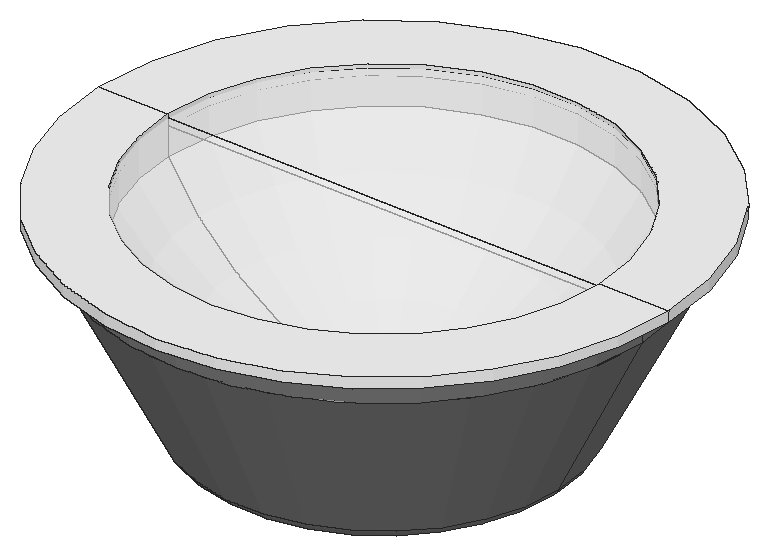
Revit family "30509", category Lighting Fixtures, host Face, Revit 2018
Family settings
  Host = Face
  Round Connector Dimension = Use Diameter
  Part Type = Normal
  OmniClass Number = 23.80.70.00
  OmniClass Title = Lighting
  Cut with Voids When Loaded = No
  Light Source = Yes
  Shared = No
  Room Calculation Point = No
Parameters (values of type "0030509 INSAVER SL IP44 225 MULTI4150- 4950 840")
  WidthBezel_SYL = if(Size1_SYL, 20 mm, if(Size2_SYL, 20 mm, if(Size3PIR_SYL, 30 mm, if(Size4_SYL, 20 mm, 20 mm))))  # 20 mm
  Weight = "n/a"
  Wattage Comments = ""
  Wattage = 12 W
  WarrantyStartDate [instance] = "n/a"
  WarrantyGuarantorParts = "n/a"
  WarrantyDurationUnit = "n/a"
  WarrantyDurationParts = ""
  WarrantyDescription = "http://www.sylvania-lighting.com"
  built-in parameter 1150110 = 1 (stored number, unit not read)
  Voltage = 230 V
  VisibilityPIR_SYL = Size3PIR_SYL  # no
  URL = "0.9"
  TypeName = "Insaver Slim IP44 225 Multi4150- 4950lm 840"
  Type Image = <None>
  Type Comments = "n/a"
  built-in parameter 1114217 = 1 (stored number, unit not read)
  Tilt Angle = -90.00°
  built-in parameter 1150109 = 1 (stored number, unit not read)
  built-in parameter 1150134 = (empty or 0)
  built-in parameter 1150113 = 1 (stored number, unit not read)
  Size4_SYL = no
  Size3PIR_SYL = no
  Size2_SYL = no
  Size1_SYL = yes
  SerialNumber [instance] = "n/a"
  RadiusTop_SYL = 6 mm
  RadiusReflector_SYL = if(Size1_SYL, 85 mm, if(Size2_SYL, 85 mm, if(Size3PIR_SYL, 85 mm, if(Size4_SYL, 100 mm, 120 mm))))  # 85 mm
  Photometric Web File = "0030509.IES"
  Material_3_FEILO = Top-Sylvania-STARTDownlight
  PowerFactor = 0.9
  PowerConsumption = "Lighting"
  NominalLength = 165 mm
  NominalHeight = 50 mm
  NominalDepth = 165 mm
  Name = "Insaver Slim IP44 225 Multi4150- 4950lm 840"
  ModelReference = Name  # "Insaver Slim IP44 225 Multi4150- 4950lm 840"
  ModelNumber = "0030509"
  Model = Name  # "Insaver Slim IP44 225 Multi4150- 4950lm 840"
  Material = "Feilo Sylvania"
  ManufacturerName = "121 lm/W"
  Manufacturer = ""
  LuminousEfficacy = ""
  built-in parameter 1150105 = 31.446 (stored number, unit not read)
  Lumens = 395.16 lm
  LuminaireType = "0"
  built-in parameter 1150115 = 1 (stored number, unit not read)
  LightOutputRatio = "LED"
  built-in parameter 1150137 = (empty or 0)
  built-in parameter 1150139 = (empty or 0)
  LampsType = Lamp  # "n/a"
  LampNominalLuminous = "4000 K"
  LampMacAdamStep = "80"
  LampColourTemperature = "LED"
  LampColourRenderingIndex = "16500"
  built-in parameter 1150112 = 1 (stored number, unit not read)
  built-in parameter 1150114 = 1 (stored number, unit not read)
  Lamp = "n/a"
  Keynote = "n/a"
  InstallationDate [instance] = "n/a"
  InputVoltage = "0"
  InputNominalFrequency = "4000"
  built-in parameter 1150132 = (empty or 0)
  built-in parameter 1150102 = (empty or 0)
  built-in parameter 1150107 = 3000 (stored number, unit not read)
  built-in parameter 1150138 = (empty or 0)
  IngressProtection = "IfcLightFixtureType"
  ImpactProtectionIndex = "IfcLightFixtureType"
  built-in parameter 1150106 = 0.31446 (stored number, unit not read)
  IfcExportType = "IfcLightFixtureType"
  IfcExportAs = "Class II"
  Height_SYL = if(Size1_SYL, 61 mm, if(Size2_SYL, 61 mm, if(Size3PIR_SYL, 61 mm, if(Size4_SYL, 61 mm, 60 mm))))  # 61 mm
  HeightBezel_SYL = if(Size1_SYL, 3 mm, if(Size2_SYL, 3 mm, if(Size3PIR_SYL, 3 mm, if(Size4_SYL, 3.2 mm, 3 mm))))  # 3 mm
  ExpectedLife = 50000
  Emit from Circle Diameter = Diameter_SYL - 40 mm  # 125 mm
  Emit Shape Visible in Rendering = no
  ElectricShockClassification = "121"
  built-in parameter 1150104 = 3.0593 (stored number, unit not read)
  DurationUnit = "hours"
  DocumentationLiterature = "http://www.sylvania-lighting.com/product/en-int/products/0030509"
  DimmingControlOptions = "n/a"
  Material_2_FEILO = Diffuser-Sylvania-STARTDownlight
  Dimming Lamp Color Temperature Shift = <None>
  Diameter_SYL = if(Size1_SYL, 165 mm, if(Size2_SYL, 190 mm, if(Size3PIR_SYL, 211 mm, if(Size4_SYL, 220 mm, 240 mm))))  # 165 mm
  DiameterTop_SYL = if(Size1_SYL, 98 mm, if(Size2_SYL, 122 mm, if(Size3PIR_SYL, 120 mm, if(Size4_SYL, 135 mm, 158 mm))))  # 98 mm
  DiameterTopBase_SYL = DiameterRecess_SYL  # 150 mm
  DiameterRecess_SYL = if(Size1_SYL, 150 mm, if(Size2_SYL, 170 mm, if(Size3PIR_SYL, 186 mm, if(Size4_SYL, 200 mm, 225 mm))))  # 150 mm
  Description = "Insaver Slim is a ceiling recessed LED downlight (IP44 from the front),Die-cast aluminium body, loop in loop out connector for quick installation, Non dimmable LED driver,  4000K; UGR <19 with shallow product depth 60mm. The range features a multipower functionality where the luminous flux of the luminaire can be tailored to local needs by only setting a quick selector switch on the driver. 8 steps available with adjustable lumen output of 4150 – 4950lm  at 4000K.  Meets TP(a) requirements."
  Default Elevation = 1219.2 mm
  CreatedOn = "05/03/2024"
  CreatedBy = "@sylvania-lighting.com"
  Cost = 0
  Color Filter = 16777215
  built-in parameter 1114216 [instance] = (empty or 0)
  ClassificationValue = "EF_70_80"
  ClassificationName = "Uniclass2015"
  Material_1_FEILO = Trim-Sylvania-STARTDownlight-White
  BarCode [instance] = "n/a"
  built-in parameter 1114218 = 1 (stored number, unit not read)
  built-in parameter 1150133 = 10 (stored number, unit not read)
  AssetType = "Fixed"
  AssetIdentifier [instance] = "n/a"
  Assembly Code = "D5020200"
  Apparent Load = 41 VA
  Material_4_FEILO = LED-Sylvania-STARTDownlight
Reference planes
  plane 1 "Center (Front/Back)": y = 0
  plane 2: z = 0
  plane 3 "Center (Left/Right)": x = 0
  plane 4: x = 82.5
  plane 5: x = -82.5
  plane 6: z = 3
  plane 7: z = -8
  plane 8: z = -58
  plane 9: x = -75
  plane 10: x = 75
  plane 11: x = -49
  plane 12: x = 49
  plane 13: z = -85
  plane 14: x = -62.5
  plane 15: z = 2
  plane 16: z = -46
  plane 17: x = -16
  plane 18: x = -67.5
  plane 19: x = -81.5
  plane 20: x = -99.5
  plane 21: x = -76.5
  plane 22: z = 5.5
  plane 23: z = 8.7
  plane 24: x = -75.5
  plane 25: z = 13.7
Forms (mm)
  Revolve 1, void
    sketch origin (0, 0, 0) x (1, 0, 0) y (0, 0, 1)
      loop
        line (0, 0) -> (-75, 0) -> (-75, -85) -> (0, -85) -> (0, 0)
      axis (0, 0) -> (0, -85)
    angle from 360 to 0
  Revolve 2, solid, material "Trim-Sylvania-STARTDownlight-White" <- "Material_1_FEILO"
    sketch origin (0, 0, 0) x (1, 0, 0) y (0, 0, 1)
      loop
        line (-62.5, 3) -> (-82.5, 3) -> (-82.5, 0) -> (-75, 0) -> (-75, -8) -> (-50.681, -54.768)
        arc (-50.681, -54.768) -> (-48.471, -57.129) -> (-45.357, -58) r 6
        line (-45.357, -58) -> (0, -58) -> (0, -46) -> (-16, -46)
        arc (-16, -46) -> (-42.718, -31.243) -> (-62.5, -8) r 85
        line (-62.5, -8) -> (-62.5, 3)
      axis (0, 3) -> (0, -58)
    angle from 360 to 0
  Revolve 3, solid, material "Diffuser-Sylvania-STARTDownlight" <- "Material_2_FEILO"
    sketch origin (0, 0, 0) x (1, 0, 0) y (0, 0, 1)
      loop
        line (-62.5, 0) -> (0, 0) -> (0, 2) -> (-62.5, 2) -> (-62.5, 0)
      axis (0, 2) -> (0, 0)
    angle from 360 to 0
  Revolve 4, solid, material "Trim-Sylvania-STARTDownlight-White" <- "Material_1_FEILO", visible <- "VisibilityPIR_SYL"
    sketch origin (0, 0, 0) x (1, 0, 0) y (0, 0, 1)
      loop
        line (-67.5, 3) -> (-67.5, 13.7)
        arc (-67.5, 13.7) -> (-72.217, 12.347) -> (-75.5, 8.7) r 8.9
        line (-75.5, 8.7) -> (-75.5, 5.5) -> (-76.5, 5.5) -> (-76.5, 3) -> (-67.5, 3)
      axis (-67.5, 13.7) -> (-67.5, 3)
    angle from 360 to 0
Dimensions and locks
  equal spacing: plane 4, plane 3 "Center (Left/Right)", plane 5
  "Diameter_SYL": plane 4 to plane 5
  equal spacing: plane 10, plane 3 "Center (Left/Right)", plane 9
  equal spacing: plane 12, plane 3 "Center (Left/Right)", plane 11
  "DiameterTop_SYL": plane 12 to plane 11
  "HeightBezel_SYL": plane 6 to plane 2
  "Height_SYL": plane 6 to plane 8
  locked: plane 2 to plane 7 at 8
  locked: plane 2 to plane 13 at 85
  "WidthBezel_SYL": plane 14 to plane 5
  locked: plane 6 to plane 15 at 1
  "DiameterRecess_SYL": plane 10 to plane 9
  locked: plane 3 "Center (Left/Right)" to plane 17 at 16
  locked: plane 16 to plane 8 at 12
  locked: plane 18 to plane 21 at 9
  locked: plane 22 to plane 6 at 2.5
  locked: plane 23 to plane 22 at 3.2
  locked: plane 18 to plane 24 at 8
  locked: plane 25 to plane 23 at 5
  locked: plane 25 to Revolve 4 sketch curve at 8.9
  locked: plane 18 to plane 5 at 15
  "RadiusReflector_SYL": radius of Revolve 2 sketch curve
  "RadiusTop_SYL": radius of Revolve 2 sketch curve
  aligned and locked: plane 2 to host face
  aligned and locked: level to host face
  aligned and locked: Revolve 1 sketch curve to plane 3 "Center (Left/Right)"
  aligned and locked: plane 3 "Center (Left/Right)" to Revolve 1 sketch curve
  aligned and locked: Revolve 1 sketch curve to plane 9
  aligned and locked: plane 13 to Revolve 1 sketch curve
  aligned and locked: plane 3 "Center (Left/Right)" to imposter light
  aligned and locked: imposter light to plane 15
  aligned and locked: imposter light to plane 1 "Center (Front/Back)"
  aligned and locked: Revolve 2 sketch curve to plane 3 "Center (Left/Right)"
  aligned and locked: Revolve 2 sketch curve to plane 6
  aligned and locked: Revolve 2 sketch curve to plane 5
  aligned and locked: Revolve 2 sketch curve to level
  aligned and locked: plane 7 to Revolve 2 sketch curve  (x2)
  aligned and locked: Revolve 2 sketch curve to plane 9
  aligned and locked: plane 8 to Revolve 2 sketch curve
  aligned and locked: Revolve 2 sketch curve to plane 14
  aligned and locked: plane 3 "Center (Left/Right)" to Revolve 2 sketch curve
  aligned and locked: Revolve 2 sketch curve to plane 16
  aligned and locked: Revolve 3 sketch curve to plane 3 "Center (Left/Right)"
  aligned and locked: Revolve 3 sketch curve to level
  aligned and locked: imposter light to Revolve 3 sketch curve  (x2)
  aligned and locked: Revolve 4 sketch curve to plane 18  (x2)
  aligned and locked: Revolve 4 sketch curve to plane 6
  aligned and locked: plane 22 to Revolve 4 sketch curve
  aligned and locked: plane 24 to Revolve 4 sketch curve
  aligned and locked: Revolve 4 sketch curve to Revolve 4 sketch curve
  aligned and locked: plane 21 to Revolve 4 sketch curve
Automatic sketch dimensions
  host sketch curve to host sketch curve = 2438.4 mm  (x2)
  plane 13 to Revolve 1 sketch curve = 524.6 mm
  Revolve 1 sketch curve to plane 6 = 2606.058 mm
  Revolve 1 sketch curve to level = 0 mm
  Revolve 2 sketch curve to plane 17 = 0 mm
  Revolve 2 sketch curve to plane 11 = 1.681 mm
  plane 11 to Revolve 2 sketch curve = 3.643 mm
  plane 13 to Revolve 2 sketch curve = 524.6 mm
  Revolve 2 sketch curve to Revolve 2 sketch curve = 2577.983 mm
  Revolve 3 sketch curve to plane 14 = 0 mm
  plane 13 to Revolve 3 sketch curve = 524.6 mm
  Revolve 3 sketch curve to plane 6 = 2606.058 mm
  Revolve 4 sketch curve to plane 23 = 0 mm
  plane 13 to Revolve 4 sketch curve = 524.6 mm
  Revolve 4 sketch curve to Revolve 4 sketch curve = 2595.358 mm
Connectors
  electrical at (0, 0, 0), driven by "Apparent Load", driven by "PowerFactor", driven by "Voltage"
    settings: index 1, voltage 230 V, apparent load 41 VA, apparent load phase1 0 VA, apparent load phase2 0 VA, apparent load phase3 0 VA, power factor 0.9, load classification "Lighting", number of poles 1, system type 30, power factor state 1, is connector primary yes, connector utility no, sub classification motor no, connector description ""
